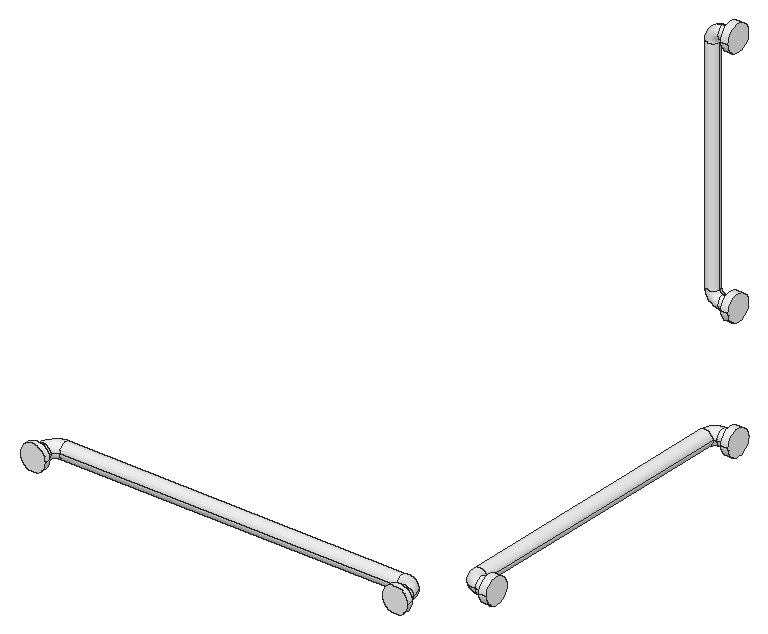
Revit family
Parameters (values of type "Grab-Bar_Wall-Mounted_Tub_Reed")
  Vertical Mounting Ht = 3' - 0"
  Vertical Bar Ht = 2' - 0"
  Vertical Bar = 3' - 0"
  Subcategory = "Metal Railings"  # constant formula
  SmartBIM Object Version = 3  # constant formula
  SmartBIM Object Created By = "Reed Construction Data"  # constant formula
  Mounting Height = 2' - 0"
  End Wall Length = 3' - 0"
  Bar = Metals Aluminum
  Back Bar Length = 3' - 0"
  Assembly Code = "C1030200"
  95 CSI = "05520"  # constant formula
  04 CSI = "05 52 00"  # constant formula
Reference planes (in)
  plane 1 "Center (Front/Back)": y = 0
  plane 2: z = 0
  plane 3 "Center (Left/Right)": x = 0
  plane 4: y = 17.598
  plane 5: y = -18.402
  plane 6: z = 12
  plane 7: z = 24
  plane 8: z = 36
  plane 9: z = 60
  plane 10: x = -0.75
  plane 11: y = -17.902
  plane 12: y = -15.902
  plane 13: y = -12.402
  plane 14: y = 23.598
  plane 15: x = -2.5
  plane 16: x = -41.25
  plane 17: x = -5.25
Forms (in)
  Sweep 1, solid, material "Metals Aluminum" <- "Bar"
    path origin (0, 0, 0) x (1, 0, 0) y (0, 0, 1)
      loop
        line (-0.75, 60) -> (-1.5, 60)
        arc (-1.5, 60) -> (-2.20711, 59.70711) -> (-2.5, 59) r 1
        line (-2.5, 59) -> (-2.5, 37)
        arc (-2.5, 37) -> (-2.20711, 36.29289) -> (-1.5, 36) r 1
        line (-1.5, 36) -> (-0.75, 36)
    profile origin (-1.125, 0, 60) x (0, 0, -1) y (0, -1, 0)
      loop
        circle (0, -17.598) r 0.625
  Extrusion 2, solid, material "Metals Aluminum" <- "Bar"
    sketch origin (0, 0, 0) x (0, 1, 0) y (0, 0, 1)
      loop
        circle (17.598, 60) r 1.25
      loop
        circle (17.598, 36) r 1.25
    from -0.75 to 0
  Sweep 3, solid, material "Metals Aluminum" <- "Bar"
    path origin (-49.67203, -180, 41.08984) x (-1, 0, 0) y (0, -1, 0)
      loop
        line (-8.42203, -162.098) -> (-8.42203, -162.848)
        arc (-8.42203, -162.848) -> (-8.78815, -163.73188) -> (-9.67203, -164.098) r 1.25
        line (-9.67203, -164.098) -> (-43.17203, -164.098)
        arc (-43.17203, -164.098) -> (-44.05592, -163.73188) -> (-44.42203, -162.848) r 1.25
        line (-44.42203, -162.848) -> (-44.42203, -162.098)
    profile origin (-41.25, -17.527, 41.08984) x (-1, 0, 0) y (0, 0, 1)
      loop
        circle (0, -17.08984) r 0.75
  Extrusion 4, solid, material "Metals Aluminum" <- "Bar"
    sketch origin (0, 0, 0) x (1, 0, 0) y (0, 0, 1)
      loop
        circle (-5.25, 24) r 1.25
      loop
        circle (-41.25, 24) r 1.25
    from 17.902 to 18.402
  Sweep 5, solid, material "Metals Aluminum" <- "Bar"
    path origin (0, 0, 0) x (1, 0, 0) y (0, 1, 0)
      loop
        line (-0.75, -12.402) -> (-1.5, -12.402)
        arc (-1.5, -12.402) -> (-2.20711, -12.10911) -> (-2.5, -11.402) r 1
        line (-2.5, -11.402) -> (-2.5, 16.598)
        arc (-2.5, 16.598) -> (-2.20711, 17.3051) -> (-1.5, 17.598) r 1
        line (-1.5, 17.598) -> (-0.75, 17.598)
    profile origin (-2.5, 2.598, 0) x (-1, 0, 0) y (0, 0, 1)
      loop
        circle (0, 24) r 0.75
  Extrusion 6, solid, material "Metals Aluminum" <- "Bar"
    sketch origin (0, 0, 0) x (0, 1, 0) y (0, 0, 1)
      loop
        circle (-12.402, 24) r 1.25
      loop
        circle (17.598, 24) r 1.25
    from -0.75 to 0
Cuts and joins
  joined: Sweep 1, Extrusion 2
  joined: Sweep 3, Extrusion 4
  joined: Sweep 5, Extrusion 6
Dimensions and locks (in)
  "Vertical Bar": plane 4 to plane 5
  "Mounting Height": plane 7 to level
  "Vertical Mounting Ht": plane 8 to level
  "Vertical Bar Ht": plane 9 to plane 8
  locked: plane 10 to plane 3 "Center (Left/Right)" at 0.75
  Sweep 1 sketch curve to plane 10 = 0' - 1 3/4"
  locked: plane 11 to plane 5 at 0.5
  locked: plane 12 to plane 11 at 2
  locked: plane 13 to plane 5 at 6
  "End Wall Length": plane 14 to plane 13
  "Back Bar Length": plane 16 to plane 17
  aligned and locked: plane 10 to Sweep 1 sketch curve  (x2)
  aligned and locked: plane 10 to Extrusion 2
  aligned and locked: plane 3 "Center (Left/Right)" to Extrusion 2
  aligned and locked: plane 8 to Sweep 1 sketch curve
  aligned and locked: plane 9 to Sweep 1 sketch curve  (x3)
  aligned and locked: plane 7 to Sweep 3 sketch curve
  aligned and locked: plane 11 to Sweep 3 sketch curve  (x2)
  aligned and locked: Sweep 3 sketch curve to plane 12
  aligned and locked: Extrusion 4 to plane 5
  aligned and locked: plane 11 to Extrusion 4
  aligned and locked: plane 4 to Sweep 1 sketch curve
  aligned and locked: Sweep 5 sketch curve to plane 15
  aligned and locked: Sweep 5 sketch curve to plane 4
  aligned and locked: Sweep 5 sketch curve to plane 13
  aligned and locked: plane 10 to Sweep 5 sketch curve  (x2)
  aligned and locked: plane 7 to Sweep 5 sketch curve
  aligned and locked: plane 15 to Sweep 5 sketch curve
  aligned and locked: plane 13 to Extrusion 6 sketch curve
  aligned and locked: plane 4 to Extrusion 6 sketch curve
  aligned and locked: plane 7 to Extrusion 6 sketch curve
  aligned and locked: plane 10 to Extrusion 6
  aligned and locked: plane 3 "Center (Left/Right)" to Extrusion 6
  aligned and locked: Sweep 3 sketch curve to plane 16
  aligned and locked: plane 16 to Extrusion 4 sketch curve
  aligned and locked: plane 7 to Extrusion 4 sketch curve  (x2)
  aligned and locked: plane 17 to Extrusion 4 sketch curve
  aligned and locked: Sweep 3 sketch curve to plane 17
  aligned and locked: plane 4 to Extrusion 2 sketch curve  (x2)
  aligned and locked: plane 9 to Extrusion 2 sketch curve
  aligned and locked: plane 8 to Extrusion 2 sketch curve
Automatic sketch dimensions
  Sweep 1 sketch curve to Sweep 1 sketch curve = 0' - 0 3/4"
  plane 10 to Sweep 1 sketch curve = 0' - 0 3/4"
  plane 11 to Sweep 3 sketch curve = 0' - 0 3/4"  (x2)
  Sweep 3 sketch curve to profile plane = 0' - 0"
  plane 10 to Sweep 5 sketch curve = 0' - 0 3/4"  (x2)
  Extrusion 6 sketch curve to plane 7 = 0' - 0"  (x2)
  Extrusion 6 sketch curve to plane 13 = 0' - 0"
  radius of Sweep 1 sketch curve = 0' - 0 5/8"
  radius of Sweep 3 sketch curve = 0' - 0 3/4"
  radius of Sweep 5 sketch curve = 0' - 0 3/4"
  radius of Extrusion 6 sketch curve = 0' - 1 1/4"  (x2)
  radius of Extrusion 4 sketch curve = 0' - 1 1/4"  (x2)
  radius of Extrusion 2 sketch curve = 0' - 1 1/4"  (x2)
